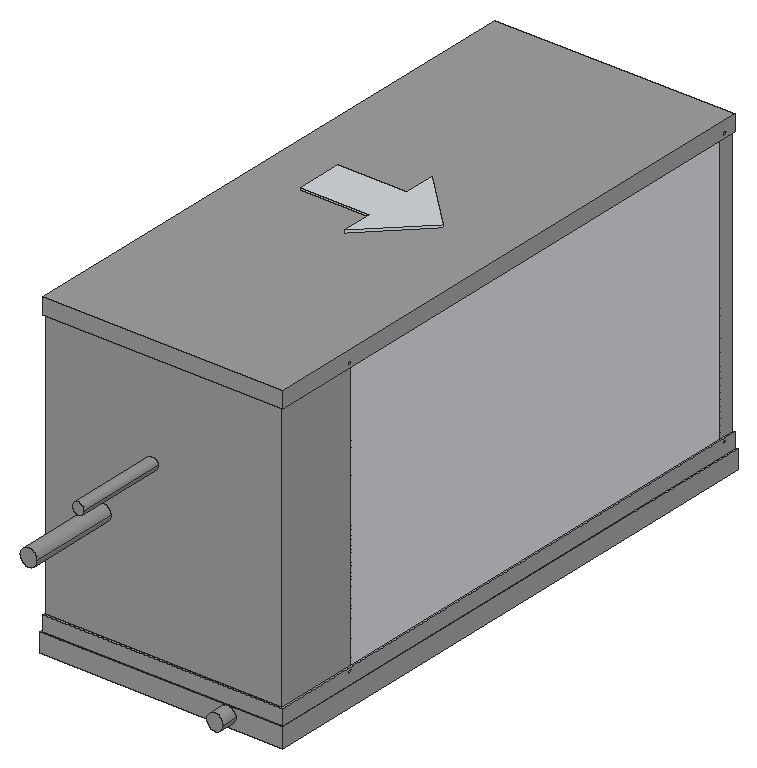
Revit family "Фреоновый охладитель F", category Оборудование, Revit 2019
Family settings
  Размер круглого соединителя = Использовать диаметр
  Тип детали = Нормальный
  Номер OmniClass = 23.75.00.00
  Заголовок OmniClass = Climate Control (HVAC)
  На основе рабочей плоскости = Нет
  Всегда вертикально = Да
  При загрузке вырезать с полостями = Нет
  Общий = Нет
  Точка расчета площади = Нет
Parameters (values of type "F3-6035")
  угол [instance] = if(Левая сторона подключения, 135.00°, -45.00°)  # -45.00°
  Холодопроизводительность = 12000 W
  Таблица = "Фреоновый охладитель"  # constant formula
  Сторона подключения [instance] = if(Левая сторона подключения, "Левая сторона подключения", "Правая сторона подключения")  # "Правая сторона подключения"
  Расход воздуха = 1943.0 m³/h
  Правая сторона подключения [instance] = not(Левая сторона подключения)  # yes
  Материал = RAL 0000 Серый металл
  Массовый расход фреона, кг/с = 0.077
  Масса = 10.00 kg
  Левая сторона подключения [instance] = no
  Гидравлическое сопротивление, mbar = 139
  Аэродинамическое сопротивление = 93.0 Pa
  w3 [instance] = if(Левая сторона подключения, 143 mm, 173 mm)  # 173 mm
  w2 [instance] = if(Левая сторона подключения, 78 mm, 238 mm)  # 238 mm
  w1 [instance] = if(Левая сторона подключения, 240 mm, 68 mm)  # 68 mm
  t воздуха на выходе = 16.2 °C
  s2 = 112 mm
  s1 = 20 mm
  d2 = 22 mm
  d1 = 15 mm
  Vвн = 2.3 L
  H = 350 mm
  Fн, м2 = 12.57 m²
  B = 600 mm
  ADSK_Примечание = ""
  ADSK_Позиция = ""
  ADSK_Наименование = "Воздухоохладитель фреоновый"  # constant formula
  ADSK_Марка [instance] = size_lookup(Таблица, "", "Данный типоразмер отсутствует", Сторона подключения, B, H)  # "F3-6035 (П.)"
  ADSK_Код изделия = ""
  ADSK_Завод-изготовитель = "Naveka"  # constant formula
  ADSK_Единица измерения = "шт."  # constant formula
Types (9, lengths in mm): name | угол | Холодопроизводительность | Сторона подключения | Расход воздуха | Правая сторона подключения | Массовый расход фреона, кг/с | Масса | Левая сторона подключения | Гидравлическое сопротивление, mbar | Аэродинамическое сопротивление | w3 | w2 | w1 | t воздуха на выходе | s2 | s1 | d2 | d1 | Vвн | H | Fн, м2 | B | ADSK_Марка
  (no name) | -45.00° | 12000 W | "Правая сторона подключения" | 1943.0 m³/h | yes | 0.077 | 10.00 kg | no | 139 | 93.0 Pa | 173 | 238 | 68 | 16.2 °C | 112 | 20 | 22 | 15 | 2.3 L | 350 | 12.57 m² | 600 | "F3-6035 (П.)"
  F3-5025 | 135.00° | 7000 W | "Левая сторона подключения" | 1152.0 m³/h | no | 0.046 | 7.00 kg | yes | 150 | 92.0 Pa | 143 | 78 | 240 | 16.2 °C | 112 | 20 | 15 | 12 | 1.4 L | 250 | 7.48 m² | 500 | "F3-5025 (Л.)"
  F3-5030 | 135.00° | 8400 W | "Левая сторона подключения" | 1381.0 m³/h | no | 0.054 | 8.00 kg | yes | 109 | 91.0 Pa | 143 | 78 | 240 | 16.3 °C | 112 | 20 | 15 | 12 | 1.8 L | 300 | 8.98 m² | 500 | "F3-5030 (Л.)"
  F3-6030 | 135.00° | 10.3 W | "Левая сторона подключения" | 1676.0 m³/h | no | 0.066 | 9.00 kg | yes | 178 | 64.0 Pa | 143 | 78 | 240 | 16.2 °C | 112 | 20 | 15 | 12 | 2.0 L | 300 | 10.77 m² | 600 | "F3-6030 (Л.)"
  F3-6035 | -45.00° | 12000 W | "Правая сторона подключения" | 1943.0 m³/h | yes | 0.077 | 10.00 kg | no | 139 | 93.0 Pa | 173 | 238 | 68 | 16.2 °C | 112 | 20 | 22 | 15 | 2.3 L | 350 | 12.57 m² | 600 | "F3-6035 (П.)"
  F3-7040 | 135.00° | 16200 W | "Левая сторона подключения" | 2630.0 m³/h | no | 0.104 | 13.00 kg | yes | 190 | 97.0 Pa | 143 | 78 | 240 | 16.2 °C | 112 | 46 | 22 | 15 | 3.0 L | 400 | 16.76 m² | 700 | "F3-7040 (Л.)"
  F3-8050 | 135.00° | 22600 W | "Левая сторона подключения" | 3695.0 m³/h | no | 0.146 | 17.00 kg | yes | 115 | 95.0 Pa | 143 | 78 | 240 | 16.2 °C | 112 | 30 | 28 | 22 | 4.4 L | 500 | 23.94 m² | 800 | "F3-8050 (Л.)"
  F3-10050 | 135.00° | 28000 W | "Левая сторона подключения" | 4619.0 m³/h | no | 0.187 | 21.00 kg | yes | 210 | 97.0 Pa | 143 | 78 | 240 | 16.3 °C | 122 | 40 | 28 | 22 | 5.3 L | 500 | 29.92 m² | 1000 | "F3-10050 (Л.)"
  F3-4020 | 135.00° | 4500 W | "Левая сторона подключения" | 738.0 m³/h | no | 0.022 | 5.00 kg | yes | 145 | 88.0 Pa | 143 | 78 | 240 | 16.3 °C | 112 | 20 | 15 | 12 | 1.0 L | 200 | 4.79 m² | 400 | "F3-4020 (Л.)"
Reference planes
  plane 1 "По центру (Вперед/Назад)": y = 0
  plane 2: z = 0
  plane 3 "По центру (Влево/Вправо)": x = 0
  plane 4: y = 366
  plane 5: y = -366
  plane 6: x = 154
  plane 7: z = 175
  plane 8: z = -175
  plane 9: x = -154
  plane 10: y = 368
  plane 11: y = -368
  plane 12: y = 370
  plane 13: y = -370
  plane 14: x = -156
  plane 15: x = -158
  plane 16: x = 156
  plane 17: x = 158
  plane 18: z = 195
  plane 19: z = -195
  plane 20: z = -220
  plane 21: z = 198
  plane 22: y = 346
  plane 23: y = -254
  plane 24: x = -134
  plane 25: x = 134
  plane 26: z = 180
  plane 27: y = -259
  plane 28: z = -180
  plane 29: y = 351
  plane 30: z = -30
  plane 31: z = 50
  plane 32: x = 115
  plane 33: x = -80
  plane 34: x = 86
  plane 35: z = -206
  plane 36: y = -390
  plane 37: y = -486
  plane 38 "По центру Л/Р": x = -15
  plane 39 "По центру Л/С": x = 85
  plane 40 "По центру Л/Т": y = 35
  plane 41 "По центру Л/У": y = -35
Forms (mm)
  Extrusion 1, solid, detail levels fine
    sketch origin (0, 0, 0) x (0, 1, 0) y (0, 0, 1)
      loop
        line (346, 175) -> (-254, 175) -> (-254, -175) -> (346, -175) -> (346, 175)
    from -154 to 154
  Extrusion 2, solid, material "RAL 0000 Серый металл" <- "Материал"
    sketch origin (0, 0, 0) x (0, 1, 0) y (0, 0, 1)
      loop
        line (368, 195) -> (-368, 195) -> (-368, 175) -> (368, 175) -> (368, 195)
    from -156 to 156
  Extrusion 3, solid, material "RAL 0000 Серый металл" <- "Материал"
    sketch origin (0, 0, 0) x (0, 1, 0) y (0, 0, 1)
      loop
        line (368, -175) -> (-368, -175) -> (-368, -195) -> (368, -195) -> (368, -175)
    from -156 to 156
  Extrusion 4, solid, material "RAL 0000 Серый металл" <- "Материал"
    sketch origin (0, 0, 0) x (0, 1, 0) y (0, 0, 1)
      loop
        line (370, -195) -> (-370, -195) -> (-370, -220) -> (370, -220) -> (370, -195)
    from -158 to 158
  Extrusion 5, solid, material "RAL 0000 Серый металл" <- "Материал"
    sketch origin (0, 0, 0) x (0, 1, 0) y (0, 0, 1)
      loop
        line (-254, 175) -> (-366, 175) -> (-366, -175) -> (-254, -175) -> (-254, 175)
    from -154 to 154
  Extrusion 6, solid, material "RAL 0000 Серый металл" <- "Материал"
    sketch origin (0, 0, 0) x (0, 1, 0) y (0, 0, 1)
      loop
        line (346, 175) -> (346, -175) -> (366, -175) -> (366, 175) -> (346, 175)
    from -154 to 154
  Extrusion 7, void
    sketch origin (0, 0, 0) x (0, 1, 0) y (0, 0, 1)
      loop
        circle (351, 180) r 2.525
      loop
        circle (-259, 180) r 2.525
      loop
        circle (-259, -180) r 2.525
      loop
        circle (351, -180) r 2.525
    from -156 to -134
  Extrusion 8, void
    sketch origin (0, 0, 0) x (0, 1, 0) y (0, 0, 1)
      loop
        circle (351, 180) r 2.525
      loop
        circle (-259, 180) r 2.525
      loop
        circle (-259, -180) r 2.525
      loop
        circle (351, -180) r 2.525
    from 134 to 156
  Extrusion 9, solid, material "Медь"
    sketch origin (0, 0, 0) x (1, 0, 0) y (0, 0, 1)
      loop
        circle (-15, 50) r 7.5
      loop
        circle (-80, -30) r 11
    from 366 to 486
  Extrusion 10, solid, material "Пластмасса, непрозрачная, белая"
    sketch origin (0, 0, 0) x (1, 0, 0) y (0, 0, 1)
      loop
        circle (86, -206) r 10.7
    from 370 to 390
Cuts and joins
  Extrusion 7, Extrusion 8 cuts Extrusion 2
  Extrusion 7, Extrusion 8 cuts Extrusion 3
Lines and regions (mm)
  model lines, not visible, detail levels medium
    curve 1: circle (0, 0, 0) r 75 normal (0, -1, 0)
    curve 2: line (75, 0, 0) -> (-46.678, 0, 58.704)
    curve 3: line (-47.5, 0, 58.041) -> (-47.5, 0, -58.041)
    curve 4: line (-46.678, 0, -58.704) -> (75, 0, 0)
    curve 15: circle (0, 0, 0) r 45 normal (0, -1, 0)
    curve 16: line (0, 0, 45) -> (0, 0, -45)
    curve 17: line (-45, 0, 0) -> (45, 0, 0)
  model lines, not visible, detail levels coarse
    curve 5: circle (0, 0, 0) r 95 normal (0, 0, 1)
    curve 6: line (95, 0, 0) -> (-55.84, 76.857, 0)
    curve 7: line (-55.84, 76.857, 0) -> (-55.84, -76.857, 0)
    curve 8: line (-55.84, -76.857, 0) -> (95, 0, 0)
    curve 14: line (0, 55, 0) -> (0, -55, 0)
  model lines, detail levels coarse
    curve 9: line (0, 55, 0) -> (0, -55, 0)
    curve 13: circle (0, 0, 0) r 66 normal (0, 0, 1)
  model lines, detail levels medium
    curve 10: circle (0, 0, 0) r 45 normal (0, -1, 0)
    curve 11: line (0, 0, 45) -> (0, 0, -45)
    curve 12: line (-45, 0, 0) -> (45, 0, 0)
Dimensions and locks
  equal spacing: plane 5, plane 1 "По центру (Вперед/Назад)", plane 4
  equal spacing: plane 7, level, plane 8
  plane 7 to plane 8 = 350 mm
  plane 20 to plane 18 = 415 mm
  "s1": plane 19 to plane 8
  locked: plane 20 to plane 19 at 25
  locked: plane 18 to plane 7 at 20
  locked: plane 21 to plane 18 at 3
  locked: plane 15 to plane 17 at 316
  plane 15 to plane 14 to plane 9 to plane 24 = 2 mm locked, 2 mm locked, 20 mm locked
  plane 25 to plane 6 to plane 16 to plane 17 = 20 mm locked, 2 mm locked, 2 mm locked
  equal spacing: plane 24, plane 3 "По центру (Влево/Вправо)", plane 25
  "s2": plane 23 to plane 5
  "B": plane 22 to plane 23
  "H": plane 8 to plane 7
  plane 12 to plane 10 to plane 4 to plane 22 = 2 mm locked, 2 mm locked, 20 mm locked
  plane 5 to plane 11 to plane 13 = 2 mm locked, 2 mm locked
  locked: plane 26 to plane 7 at 5
  locked: plane 29 to plane 22 at 5
  locked: plane 23 to plane 27 at 5
  locked: plane 28 to plane 8 at 5
  plane 31 to level to plane 30 = 50 mm locked, 30 mm locked
  "w1": plane 6 to plane 34
  locked: plane 19 to plane 35 at 11
  locked: plane 36 to plane 13 at 20
  locked: plane 37 to plane 5 at 120
  "w2": plane 33 to plane 17
  "w3": plane 17 to plane 38 "По центру Л/Р"
  locked: plane 3 "По центру (Влево/Вправо)" to plane 39 "По центру Л/С" at 85
  equal spacing: plane 40 "По центру Л/Т", plane 1 "По центру (Вперед/Назад)", plane 41 "По центру Л/У"
  plane 40 "По центру Л/Т" to plane 1 "По центру (Вперед/Назад)" to plane 41 "По центру Л/У" = 35 mm locked, 35 mm locked
  plane 24 to plane 3 "По центру (Влево/Вправо)" = 134 mm
  "d1": diameter of Extrusion 9 sketch curve
  "d2": diameter of Extrusion 9 sketch curve
  "угол": angle plane 3 "По центру (Влево/Вправо)" to nested 1
  "угол": angle nested 1 to plane 3 "По центру (Влево/Вправо)"
  aligned and locked: level to plane 2
  aligned and locked: Extrusion 1 to plane 9
  aligned and locked: Extrusion 1 to plane 6
  aligned and locked: plane 7 to Extrusion 1
  aligned and locked: plane 8 to Extrusion 1
  aligned and locked: plane 18 to Extrusion 2 sketch curve
  aligned and locked: plane 10 to Extrusion 2 sketch curve
  aligned and locked: Extrusion 2 sketch curve to plane 7
  aligned and locked: plane 11 to Extrusion 2 sketch curve
  aligned and locked: Extrusion 3 sketch curve to plane 8
  aligned and locked: plane 10 to Extrusion 3 sketch curve
  aligned and locked: plane 19 to Extrusion 3 sketch curve
  aligned and locked: plane 11 to Extrusion 3 sketch curve
  aligned and locked: Extrusion 4 sketch curve to plane 19
  aligned and locked: plane 12 to Extrusion 4 sketch curve
  aligned and locked: plane 20 to Extrusion 4 sketch curve
  aligned and locked: plane 13 to Extrusion 4 sketch curve
  aligned and locked: Extrusion 2 to plane 16
  aligned and locked: Extrusion 2 to plane 14
  aligned and locked: Extrusion 3 to plane 16
  aligned and locked: Extrusion 3 to plane 14
  aligned and locked: Extrusion 4 to plane 17
  aligned and locked: Extrusion 4 to plane 15
  aligned and locked: plane 22 to Extrusion 1
  aligned and locked: plane 23 to Extrusion 1
  aligned and locked: Extrusion 1 to Extrusion 5 sketch curve
  aligned and locked: Extrusion 5 sketch curve to Extrusion 1
  aligned and locked: plane 8 to Extrusion 5 sketch curve
  aligned and locked: plane 5 to Extrusion 5 sketch curve
  aligned and locked: Extrusion 1 to Extrusion 6 sketch curve
  aligned and locked: Extrusion 6 sketch curve to Extrusion 1
  aligned and locked: Extrusion 6 sketch curve to plane 8
  aligned and locked: Extrusion 6 sketch curve to plane 4
  aligned and locked: Extrusion 6 to plane 6
  aligned and locked: Extrusion 6 to plane 9
  aligned and locked: Extrusion 5 to plane 6
  aligned and locked: Extrusion 5 to plane 9
  aligned and locked: plane 29 to Extrusion 7 sketch curve  (x2)
  aligned and locked: plane 26 to Extrusion 7 sketch curve  (x2)
  aligned and locked: plane 27 to Extrusion 7 sketch curve  (x2)
  aligned and locked: plane 28 to Extrusion 7 sketch curve  (x2)
  aligned and locked: Extrusion 7 to plane 14
  aligned and locked: plane 24 to Extrusion 7
  aligned and locked: plane 29 to Extrusion 8 sketch curve  (x2)
  aligned and locked: plane 26 to Extrusion 8 sketch curve  (x2)
  aligned and locked: plane 27 to Extrusion 8 sketch curve  (x2)
  aligned and locked: plane 28 to Extrusion 8 sketch curve  (x2)
  aligned and locked: Extrusion 8 to plane 16
  aligned and locked: plane 25 to Extrusion 8
  aligned and locked: Extrusion 9 to plane 5
  aligned and locked: Extrusion 10 to plane 13
  aligned and locked: plane 36 to Extrusion 10
  aligned and locked: plane 37 to Extrusion 9
  aligned and locked: plane 34 to Extrusion 10 sketch curve
  aligned and locked: plane 35 to Extrusion 10 sketch curve
  aligned and locked: plane 33 to Extrusion 9 sketch curve
  aligned and locked: plane 31 to Extrusion 9 sketch curve
  aligned and locked: plane 30 to Extrusion 9 sketch curve
  aligned and locked: plane 38 "По центру Л/Р" to Extrusion 9 sketch curve
  aligned and locked: plane 3 "По центру (Влево/Вправо)" to nested 1
  aligned and locked: plane 1 "По центру (Вперед/Назад)" to nested 1
  aligned and locked: plane 21 to nested 1
Automatic sketch dimensions
  curve 1 to curve 4 = 75 mm
  curve 1 to curve 2 = 0 mm
  curve 4 to curve 1 = 46.678 mm
  curve 2 to curve 1 = 46.678 mm
  curve 3 to curve 4 = 0.822 mm
  plane 1 "По центру (Вперед/Назад)" to curve 13 = 0 mm
  curve 13 to plane 3 "По центру (Влево/Вправо)" = 0 mm
  Extrusion 1 sketch curve to plane 7 = 0 mm
  Extrusion 1 sketch curve to plane 23 = 0 mm
  plane 8 to Extrusion 1 sketch curve = 0 mm
  Extrusion 1 sketch curve to plane 22 = 0 mm
  radius of curve 13 = 66 mm
  radius of Extrusion 7 sketch curve = 2.525 mm  (x4)
  radius of Extrusion 8 sketch curve = 2.525 mm  (x4)
  radius of Extrusion 10 sketch curve = 10.7 mm
Nested families
  nested 1: "Стрелка" at (0, 0, 75) x (-1, 0, 0) z (0, 0, 1), type "Стрелка"
Connectors
  hvac at (-154, 46, 0), driven by "H", driven by "B"
    settings: on Extrusion 1, index 3, duct flow 0.0 m³/h, flow factor 0, pres drop 0.0 Pa, loss coef 0, conn angle 0.00°, conn width 600 mm, conn height 350 mm, conn diameter 609.6 mm, duct sys type 28, conn prof type 1, flow config 0, flow direction 0, loss method 0, conn ref index 4, conn util no, is conn primary yes, conn desc ""
  hvac at (154, 46, 0), driven by "H", driven by "B"
    settings: on Extrusion 1, index 4, duct flow 0.0 m³/h, flow factor 0, pres drop 0.0 Pa, loss coef 0, conn angle 0.00°, conn width 600 mm, conn height 350 mm, conn diameter 609.6 mm, duct sys type 28, conn prof type 1, flow config 0, flow direction 0, loss method 0, conn ref index 3, conn util no, is conn primary no, conn desc ""
  piping at (-15, -486, 50), diameter 15, driven by "d1"
    settings: on Extrusion 9, index 5, connector inside diameter 609.6 mm, connector length 0 mm, flow factor 0, pipe flow 0.0 L/s, pressure drop 0.0 Pa, fitting loss kfactor 0, connector angle 0.00°, fixture units 0, engagement length 0 mm, angle of deflection 0.00°, flow configuration 0, flow direction 0, fitting loss method 0, system type 28, joint type 0, gender type 0, connector reference index -1, connector utility 0, adjustable connector no, is connector primary yes, connector description ""
  piping at (-80, -486, -30), diameter 22, driven by "d2"
    settings: on Extrusion 9, index 6, connector inside diameter 609.6 mm, connector length 0 mm, flow factor 0, pipe flow 0.0 L/s, pressure drop 0.0 Pa, fitting loss kfactor 0, connector angle 0.00°, fixture units 0, engagement length 0 mm, angle of deflection 0.00°, flow configuration 0, flow direction 0, fitting loss method 0, system type 28, joint type 0, gender type 0, connector reference index -1, connector utility 0, adjustable connector no, is connector primary no, connector description ""
  piping at (86, -390, -206), diameter 21.3
    settings: on Extrusion 10, index 7, connector inside diameter 609.6 mm, connector length 0 mm, flow factor 0, pipe flow 0.0 L/s, pressure drop 0.0 Pa, fitting loss kfactor 0, connector angle 0.00°, fixture units 0, engagement length 0 mm, angle of deflection 0.00°, flow configuration 0, flow direction 0, fitting loss method 0, system type 16, joint type 0, gender type 0, connector reference index -1, connector utility 0, adjustable connector no, is connector primary no, connector description ""
Definition of nested family "Стрелка"
  Reference planes
    plane 1 "По центру (Вперед/Назад)": y = 0
    plane 2: z = 0
    plane 3 "По центру (Влево/Вправо)": x = 0
    plane 4: x = 90
    plane 5: through (41.756, 112.466, 1200) normal (0.7071, -0.7071, 0)
    plane 6: through (41.756, -112.466, 1200) normal (-0.7071, -0.7071, 0)
    plane 7: y = 30
    plane 8: y = -30
  Forms (mm)
    Extrusion 1, solid, detail levels fine
      sketch origin (-0.974, 1.071, 0) x (1, 0, 0) y (0, 1, 0)
        loop
          line (0.974, 28.929) -> (0.974, 69.64) -> (-69.736, -1.071) -> (0.974, -71.781) -> (0.974, -31.071) -> (90.974, -31.071) -> (90.974, 28.929) -> (0.974, 28.929)
      from 0 to 123
  Dimensions and locks
    locked: plane 3 "По центру (Влево/Вправо)" to plane 5 at 50
    locked: plane 3 "По центру (Влево/Вправо)" to plane 6 at 50
    plane 8 to plane 1 "По центру (Вперед/Назад)" = 30 mm
    plane 1 "По центру (Вперед/Назад)" to plane 7 = 30 mm
    equal spacing: plane 8, plane 1 "По центру (Вперед/Назад)", plane 7
    locked: plane 8 to plane 7 at 60
    locked: plane 3 "По центру (Влево/Вправо)" to plane 4 at 90
    locked: plane 5 to plane 3 "По центру (Влево/Вправо)" (angle 45.00°)
    locked: plane 3 "По центру (Влево/Вправо)" to plane 6 (angle 45.00°)
    aligned and locked: level to plane 2
    aligned and locked: plane 3 "По центру (Влево/Вправо)" to Extrusion 1  (x2)
    aligned and locked: plane 4 to Extrusion 1
    aligned and locked: Extrusion 1 to plane 5
    aligned and locked: Extrusion 1 to plane 6
    aligned and locked: plane 7 to Extrusion 1
    aligned and locked: plane 8 to Extrusion 1
  Automatic sketch dimensions
    plane 1 "По центру (Вперед/Назад)" to Extrusion 1 sketch curve = 0 mm
    plane 5 to Extrusion 1 sketch curve = 0 mm
    Extrusion 1 sketch curve to plane 3 "По центру (Влево/Вправо)" = 0 mm  (x2)
    Extrusion 1 sketch curve to plane 4 = 0 mm
    Extrusion 1 sketch curve to plane 6 = 0 mm
    plane 8 to Extrusion 1 sketch curve = 0 mm
    Extrusion 1 sketch curve to plane 7 = 0 mm
